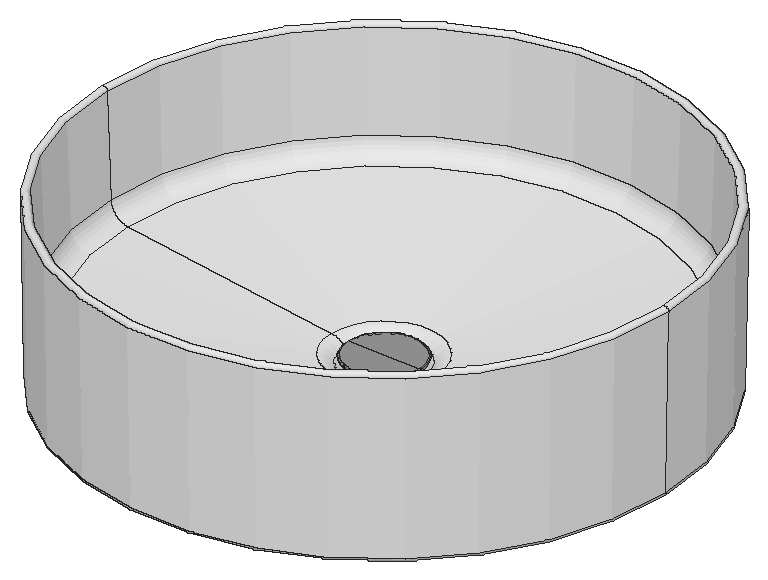
Revit family "LT573", category Plumbing Fixtures, Revit 2014
Parameters
  steel = Steel, Galvanized
  sink = Polypropylene
  Toto Contact Website = "www.totousa.com"
  Toto Contact Phone = "770-282-8686"
  Toto Contact Address = "1155 Southern Rd Morrow, GA  30260"
  Specifications = "• Waste 1-1/4\" (32 mm)\r\n• Size 16-9/16\" (420 mm)\r\n• Basin 16-1/8\" (409 mm)\r\n• Basin Depth 4-1/8\" (105 mm)\r\n• Warranty One Year Limited Warranty\r\n• Material Vitreous China\r\n• Shipping Weight 19 lbs.\r\n• Shipping Dimensions 17-3/4\" x 17-3/4\" x 7-3/4\""
  Model = "LT573"
  Manufacturer = "TOTO USA"
  Colors/Finishes = "Standard #01 Cotton"
  Codes/Standards = "• Meets ADA guidelines and ANSI A117.1\r\nrequirements when countertop is installed 864mm\r\n(34\") from finished floor and lavatory is installed\r\n79mm (3-1/8\") minimum from front edge.\r\n• Meets and exceeds ASME A112.19.2/CSA B45.1\r\n• Certifications: IAPMO(cUPC), State of\r\nMassachusetts , City of Los Angeles, and others\r\n• Code compliance: UPC, IPC, NSPC, NPC Canada,\r\nand others\r\n• ADA compliant"
Reference planes (in)
  plane 1 "Center (Front/Back)": y = 0
  plane 2: z = 0
  plane 3 "Center (Left/Right)": x = 0
  plane 4: z = 28.5945
Forms (in)
  Extrusion 1, solid
    sketch origin (0, 0, 0) x (1, 0, 0) y (0, 1, 0)
      loop
        circle (0, 0) r 0.86595
    from 28.5945 to 28.0945
Dimensions and locks (in)
  locked: plane 4 to Extrusion 1 at 0.5
  aligned and locked: level to plane 2
  aligned and locked: plane 3 "Center (Left/Right)" to nested 1
  aligned and locked: plane 1 "Center (Front/Back)" to nested 1
  aligned and locked: Extrusion 1 to nested 1
  aligned and locked: Extrusion 1 to plane 4
Nested families (in)
  nested 1: "part" at (0, 0, 0), type "part"
Connectors (in)
  piping at (0, 0, 28.0945), diameter 1.25
    settings: on Extrusion 1, index 1, connector inside diameter 24", connector length 0' - 0", flow factor 0, pipe flow 0 GPM, pressure drop 0.00 psi, fitting loss kfactor 0, connector angle 0.00°, fixture units 0, engagement length 0' - 0", angle of deflection 0.00°, flow configuration 0, flow direction 0, fitting loss method 0, system type 16, joint type 0, gender type 0, connector reference index -1, connector utility 0, adjustable connector no, is connector primary yes, connector description ""
Definition of nested family "part"
  Parameters (values of type "part")
    steel = Steel, Galvanized
    Material = Polypropylene
  Reference planes (in)
    plane 1 "Center (Front/Back)": y = 0
    plane 2: z = 0
    plane 3 "Center (Left/Right)": x = 0
    plane 4: z = 34
    plane 5: x = -8.28125
    plane 6: x = 8.28125
  Forms (in)
    Revolve 1, solid, material "Polypropylene" <- "Material"
      sketch origin (0, 0, 0) x (1, 0, 0) y (0, 0, 1)
        loop
          arc (-8.1902, 29.15623) -> (-8.1667, 29.10137) -> (-8.11147, 29.07875) r 0.07874
          line (-8.11147, 29.07875) -> (-7.874, 29.07875)
          arc (-7.874, 29.07875) -> (-7.81832, 29.10181) -> (-7.79526, 29.15749) r 0.07874
          line (-7.79526, 29.15749) -> (-7.79526, 29.19686)
          arc (-7.79526, 29.19686) -> (-7.7722, 29.25254) -> (-7.71652, 29.2756) r 0.07874
          line (-7.71652, 29.2756) -> (-7.34654, 29.2756)
          arc (-7.34654, 29.2756) -> (-7.2973, 29.29289) -> (-7.26969, 29.33717) r 0.07874
          line (-7.26969, 29.33717) -> (-7.12537, 29.98309)
          arc (-7.12537, 29.98309) -> (-7.04705, 30.1008) -> (-6.91002, 30.13567) r 0.19688
          line (-6.91002, 30.13567) -> (-1.61311, 29.50692)
          arc (-1.61311, 29.50692) -> (-1.43214, 29.41602) -> (-1.35131, 29.23035) r 0.29745
          line (-1.35131, 29.23035) -> (-1.29329, 28.31407)
          arc (-1.29329, 28.31407) -> (-1.21865, 28.1579) -> (-1.05759, 28.0945) r 0.23629
          line (-1.05759, 28.0945) -> (-0.86595, 28.0945) -> (-0.86595, 29.28459)
          arc (-0.86595, 29.28459) -> (-0.87756, 29.35004) -> (-0.91098, 29.4075) r 0.19025
          arc (-0.91098, 29.4075) -> (-1.02976, 29.54786) -> (-1.14851, 29.68824) r 838.68011
          arc (-1.14851, 29.68824) -> (-1.31987, 29.82715) -> (-1.53022, 29.89358) r 0.59116
          line (-1.53022, 29.89358) -> (-7.46379, 30.59787)
          arc (-7.46379, 30.59787) -> (-7.80441, 30.77196) -> (-7.94972, 31.12582) r 0.55124
          line (-7.94972, 31.12582) -> (-8.04755, 33.89771)
          arc (-8.04755, 33.89771) -> (-8.16047, 33.99926) -> (-8.26594, 33.89) r 0.10933
          line (-8.26594, 33.89) -> (-8.1902, 29.15623)
        axis (0, 33.89771) -> (0, 28.0945)
      angle from 0 to 360
    Revolve 2, solid, material "Steel, Galvanized" <- "steel"
      sketch origin (0, 0, 0) x (1, 0, 0) y (0, 0, 1)
        loop
          arc (-1.0222, 29.875) -> (-1.0443, 29.86585) -> (-1.05345, 29.84375) r 0.03125
          line (-1.05345, 29.84375) -> (-1.05345, 29.8125) -> (-0.5625, 29.8125) -> (-0.5625, 29.25) -> (-0.8347, 29.25)
          arc (-0.8347, 29.25) -> (-0.8568, 29.24085) -> (-0.86595, 29.21875) r 0.03125
          line (-0.86595, 29.21875) -> (-0.86595, 29.1875) -> (0, 29.1875) -> (0, 29.875) -> (-1.0222, 29.875)
        axis (0, 29.875) -> (0, 29.1875)
      angle from 0 to 360
  Dimensions and locks (in)
    aligned and locked: level to plane 2
